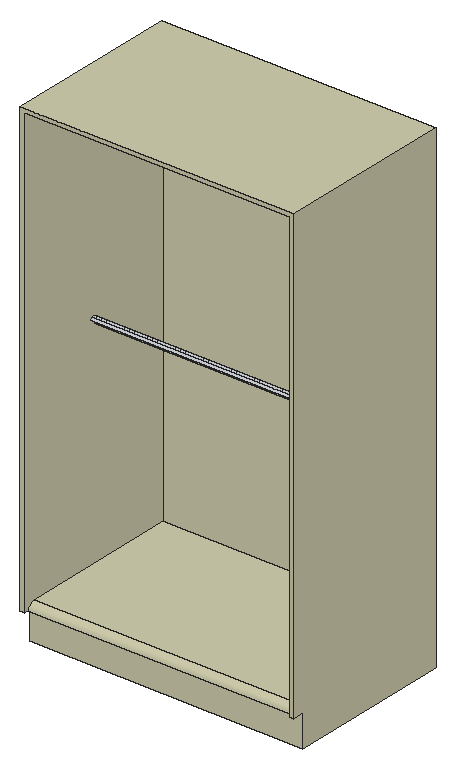
Revit family "Wenger Cabinet 35", category Furniture, Revit 2011
Parameters (values of type "Standard Cabinet #35")
  URL = "http://www.wengercorp.com/Home/Contact.html"
  Toekick Material [instance] = none
  RH End Panel [instance] = no
  Model = "35"
  Manufacturer = "Wenger Corporation"
  LH End Panel [instance] = no
  End Panel Material [instance] = none
  Edge Banding Material [instance] = none
  Door Material [instance] = none
  Description = "Standard Cabinet #35"
  Cabinet Width = 4' - 0 1/2"
  Cabinet Label = Labels : Standard
  Cabinet Height = 7' - 1 5/8"
  Cabinet Depth = 2' - 7 1/4"
  Cabinet Back Thickness = 0' - 0 3/4"
  Assembly Code = ""
Reference planes (in)
  plane 1 "Front": y = 0
  plane 2: z = 0
  plane 3 "Left": x = 0
  plane 4 "Right": x = 48.5
  plane 5 "Back": y = 31.25
  plane 6 "Top": z = 85.625
  plane 7: z = 5.625
  plane 8: x = 0.75
  plane 9: x = 47.75
  plane 10: z = 84.875
  plane 11: y = 30.5
  plane 12: y = 2
  plane 13: y = 0.75
  plane 14: z = 6.75
Forms (in)
  Extrusion 1, solid, material "Wenger - Oyster"
    sketch origin (0, 0, 0) x (0, 1, 0) y (0, 0, 1)
      loop
        line (0, 85.625) -> (0, 5.625) -> (2, 5.625) -> (2, 0) -> (31.25, 0) -> (31.25, 85.625) -> (0, 85.625)
    from 0 to 48.5
  Extrusion 2, void
    sketch origin (0, 0, 0) x (0, 1, 0) y (0, 0, 1)
      loop
        line (-5.5, 84.875) -> (-5.5, 5.625) -> (0.75, 5.625)
        arc (0.75, 5.625) -> (1.18296, 6.40088) -> (2, 6.75) r 1.375
        line (2, 6.75) -> (30.5, 6.75) -> (30.5, 84.875) -> (-5.5, 84.875)
    from 0.75 to 47.75
  Extrusion 3, solid
    sketch origin (0, -6.69064, 19.775) x (0, 1, 0) y (0, 0, 1)
      loop
        line (21.92299, 61.1) -> (21.9972, 61.1) -> (21.9972, 62.35) -> (21.37849, 62.35) -> (21.15949, 61.97068) -> (21.22376, 61.93357) -> (21.42134, 62.27578) -> (21.92299, 62.27578) -> (21.92299, 61.1)
    from 0.75 to 47.75
  Extrusion 4, solid
    sketch origin (0, -6.69064, -16.225) x (0, 1, 0) y (0, 0, 1)
      loop
        line (21.92299, 61.1) -> (21.9972, 61.1) -> (21.9972, 62.35) -> (21.37849, 62.35) -> (21.15949, 61.97068) -> (21.22376, 61.93357) -> (21.42134, 62.27578) -> (21.92299, 62.27578) -> (21.92299, 61.1)
    from 0.75 to 47.75
Cuts and joins
  Extrusion 2 cuts Extrusion 1
Lines and regions (in)
  symbolic lines
    curve 1: line (0, 31.25, 0) -> (48.5, 31.25, 0)
    curve 2: line (0, 0, 0) -> (0, 31.25, 0)
    curve 3: line (48.5, 0, 0) -> (0, 0, 0)
    curve 4: line (48.5, 31.25, 0) -> (48.5, 0, 0)
  model lines
    curve 5: line (0, 31.25, 85.625) -> (0, 31.25, 48.101)
Dimensions and locks (in)
  locked: plane 3 "Left" to plane 8 at 0.75
  locked: plane 9 to plane 4 "Right" at 0.75
  "Cabinet Back Thickness": plane 5 "Back" to plane 11
  locked: plane 1 "Front" to plane 13 at 0.75
  locked: plane 1 "Front" to plane 12 at 2
  locked: plane 6 "Top" to plane 10 at 0.75
  plane 10 to plane 7 = 6' - 7 1/4"
  locked: plane 14 to plane 7 at 1.125
  plane 9 to plane 3 "Left" = 3' - 11 3/4"
  "Cabinet Width": plane 3 "Left" to plane 4 "Right"
  locked: plane 7 to level at 5.625
  "Cabinet Height": plane 6 "Top" to level
  "Cabinet Depth": plane 1 "Front" to plane 5 "Back"
  plane 8 to plane 9 = 3' - 11"
  aligned and locked: Extrusion 1 sketch curve to plane 6 "Top"
  aligned and locked: Extrusion 1 sketch curve to plane 5 "Back"
  aligned and locked: Extrusion 1 sketch curve to plane 1 "Front"
  aligned and locked: Extrusion 1 sketch curve to plane 7
  aligned and locked: Extrusion 1 sketch curve to plane 12
  aligned and locked: Extrusion 1 sketch curve to level
  aligned and locked: Extrusion 1 to plane 4 "Right"
  aligned and locked: Extrusion 1 to plane 3 "Left"
  aligned and locked: Extrusion 2 sketch curve to plane 10
  aligned and locked: Extrusion 2 sketch curve to plane 14
  aligned and locked: Extrusion 2 to plane 8
  aligned and locked: plane 3 "Left" to curve 2
  aligned and locked: curve 1 to plane 5 "Back"
  aligned and locked: plane 4 "Right" to curve 4
  aligned and locked: curve 3 to plane 1 "Front"
  aligned and locked: Extrusion 2 to plane 9
  aligned and locked: Extrusion 4 to plane 8
  aligned and locked: Extrusion 3 to plane 9
  aligned and locked: Extrusion 3 to plane 8
  aligned and locked: Extrusion 4 to plane 9
Automatic sketch dimensions
  curve 5 to plane 5 "Back" = 0' - 0"
  curve 5 to plane 6 "Top" = 0' - 0"
  Extrusion 2 sketch curve to plane 7 = 0' - 0"
  Extrusion 2 sketch curve to plane 13 = 0' - 0"
  Extrusion 2 sketch curve to plane 12 = 0' - 0"
  Extrusion 2 sketch curve to plane 11 = 0' - 0"
  plane 1 "Front" to Extrusion 2 sketch curve = 0' - 5 1/2"
  Extrusion 2 sketch curve to plane 12 = 0' - 0.10279"
  Extrusion 3 sketch curve to plane 10 = 0' - 3.12932"
  Extrusion 3 sketch curve to plane 12 = 1' - 0.46885"
  Extrusion 3 sketch curve to plane 10 = 0' - 3.16643"
  Extrusion 3 sketch curve to Extrusion 3 sketch curve = 0' - 0.06428"
  Extrusion 3 sketch curve to plane 10 = 0' - 2 3/4"
  Extrusion 3 sketch curve to Extrusion 3 sketch curve = 0' - 0.04285"
  Extrusion 3 sketch curve to Extrusion 3 sketch curve = 0' - 0.50165"
  Extrusion 3 sketch curve to Extrusion 3 sketch curve = 0' - 0 19/256"
  Extrusion 3 sketch curve to Extrusion 3 sketch curve = 0' - 0.83357"
  Extrusion 4 sketch curve to plane 12 = 1' - 0.46885"
  Extrusion 4 sketch curve to Extrusion 4 sketch curve = 0' - 0.06428"
  Extrusion 4 sketch curve to Extrusion 4 sketch curve = 0' - 0.219"
  Extrusion 4 sketch curve to Extrusion 4 sketch curve = 0' - 0.04285"
  Extrusion 4 sketch curve to Extrusion 4 sketch curve = 0' - 0.50165"
  Extrusion 4 sketch curve to Extrusion 4 sketch curve = 0' - 0 19/256"
  Extrusion 4 sketch curve to Extrusion 4 sketch curve = 0' - 0.83357"
  Extrusion 4 sketch curve to Extrusion 4 sketch curve = 0' - 0.03711"
  curve 5 to plane 10 = 3' - 0.774"
  plane 14 to Extrusion 4 sketch curve = 3' - 2 1/8"
Nested families (in)
  nested 1: "Labels" at (24.25, 8.92089, 0), type <- "Cabinet Label", type "Standard"
  nested 2: "Front Note" at (24.25, 0.75, 0), type "Front Note", detail levels medium+fine
Definition of nested family "Labels"
  Parameters (values of type "Standard")
    Cabinet Label = "01"
  Types (4): name | Cabinet Label
    Standard | "01"
    Narrow | "01N"
    Narrow Acoustic | "01NA"
    Acoustic | "01A"
  Reference planes (in)
    plane 1: y = 0
    plane 2: x = 0
  Text (in)
    label "xxxx" at (-0.00018, 0.00754, 0), shows "Cabinet Label"
Definition of nested family "Front Note"
  Parameters (values of type "Front Note")
    Cabinet Label = "Front"
  Reference planes (in)
    plane 1: y = 0
    plane 2: x = 0
  Text (in)
    label "Front" at (-0.00018, 0.00754, 0), shows "Cabinet Label"
